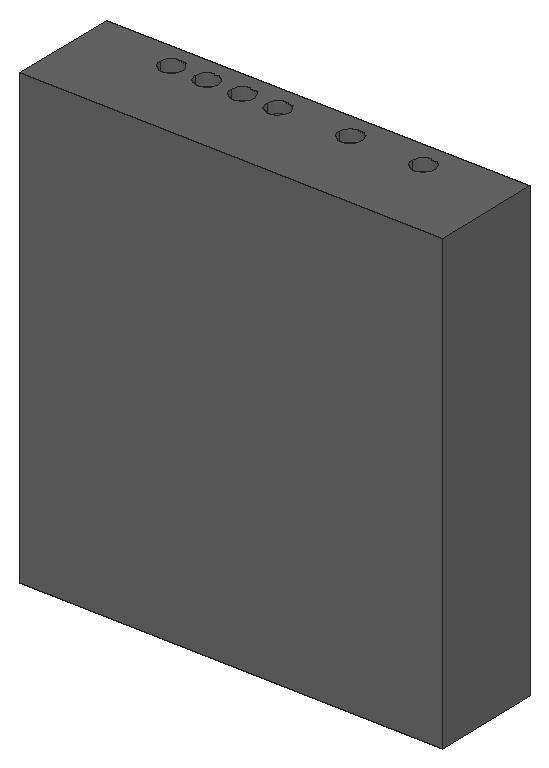
Revit family "Honeywell_PowerSupply_HLS-PS", category Electrical Equipment, Revit 2017
Family settings
  Round Connector Dimension = Use Radius
  Part Type = Transformer
  OmniClass Number = 23.80.30.11.17
  OmniClass Title = Distribution Boards and Control Panels
  Work Plane-Based = No
  Always vertical = Yes
  Cut with Voids When Loaded = No
  Shared = No
  Room Calculation Point = No
Parameters (values of type "HLS-PS25")
  Width = 380 mm
  Wattage = "65"
  Voltage = "28"
  VibrationsTest = "10-500 Hz 2G 10'/1 cicle during 60' per axis"
  URL = "https://www.honeywelllifesafety.es/"
  Type Comments = "* Delete unused conduit connectors for a better performance"
  Symbol = PowerSupplySymbol : PowerSupplySymbol
  SecondaryDistributionTension [instance] = 28 V
  OperatingACrange [instance] = "115-230Vac 50/60Hz"
  Material = Steel, Black
  MainDistributionTension [instance] = 230 V
  built-in parameter 1140088 [instance] = (empty or 0)
  ContactTelephone = "902030545 / +34932424236"
  SupplyOutputsNumber = 2
  SubFeed Lugs = No
  SingleOutputConversion = "Yes, with SW1 microswitch"
  SecurityStandards = "Designed following EN54-4, EN55022:211 +AC:2012\r\nDesigned following EN54-4, EN55022:211 +AC:2012"
  PowerFactor [instance] = 0
  OutputTension = 28 V
  StatusLEDInteriorNumber = 7
  NumberOfPoles [instance] = 1
  built-in parameter 1140081 [instance] = (empty or 0)
  Model = "HLS-PS-25"
  Manufacturer = "Honeywell Life Safety Iberia"
  LoadClassification = Power
  GroundConnectorSurveillance = "Desactivable"
  Ground Bus = no
  FrequencyMax = 60 Hz
  StatusLEDExteriorNumber = 10
  FaultRelay = "C, NA, NC contacts 1A/24V maximum. Energized in normal status."
  built-in parameter 1140083 [instance] = (empty or 0)
  Description = "Power supply designed in order to support fire control systems"
  CurrentUsingSingleOutputMax = 2.2 A
  CurrentPerOutputMax = 1.1 A
  Height = 410 mm
  FrequencyMin = 50 Hz
  Depth = 97 mm
  ContactDirection = "C/Pau Vila 15-19 08911 Badalona (Barcelona)"
  ConduitInputRadius [instance] = ConduitInputDiameter / 2  # 10.5 mm
  ConduitInputDiameter [instance] = 21 mm
  BatteriesSpace = "2x17AH"
  BatteriesChargeCurrentMin = 0.3 A
  BatteriesChargeCurrentMax = 0.6 A
  Assembly Code = "D5090200"
  ApparentPower = 65 W
Types (3, lengths in mm): name | Wattage | PowerFactor | Model | CurrentUsingSingleOutputMax | CurrentPerOutputMax | ApparentPower
  (no name) | "65" | 0 | "HLS-PS-25" | 2.2 A | 1.1 A | 65 W
  HLS-PS25 | "65" | 0 | "HLS-PS-25" | 2.2 A | 1.1 A | 65 W
  HLS-PS50 | "130" | 1 | "HLS-PS-50" | 4.4 A | 2.2 A | 130 W
Reference planes
  plane 1 "Center (Front/Back)": y = 0
  plane 2: z = 0
  plane 3 "Center (Left/Right)": x = 0
  plane 4: y = 48.5
  plane 5: x = 190
  plane 6: x = -190
  plane 7: y = -48.5
  plane 8: z = 410
  plane 9: y = 25.5
  plane 10: x = -113.375
  plane 11: x = 113.375
  plane 12: x = -81.375
  plane 13: x = -49.375
  plane 14: x = -17.375
  plane 15: x = 47.625
  plane 16: z = 393
  plane 17: z = 420
  plane 18: x = -130
  plane 19: x = 130
  plane 20: x = -96
  plane 21: x = -64
  plane 22: x = -32
  plane 23: x = 64
  plane 24: y = 38.5
  plane 25: y = 58.5
  plane 26: z = 400
Forms (mm)
  Extrusion 1, solid, material "Steel, Black" <- "Material"
    sketch origin (0, 0, 0) x (1, 0, 0) y (0, 1, 0)
      loop
        line (-190, 48.5) -> (-190, -48.5) -> (190, -48.5) -> (190, 48.5) -> (-190, 48.5)
    from 0 to 410
  Extrusion 2, void
    sketch origin (0, 0, 0) x (1, 0, 0) y (0, 1, 0)
      loop
        circle (-113.375, 25.5) r 10.5
      loop
        circle (-81.375, 25.5) r 10.5
      loop
        circle (-49.375, 25.5) r 10.5
      loop
        circle (-17.375, 25.5) r 10.5
      loop
        circle (47.625, 25.5) r 10.5
      loop
        circle (113.375, 25.5) r 10.5
    from 400 to 420
  Extrusion 3, void
    sketch origin (0, 0, 0) x (1, 0, 0) y (0, 0, 1)
      loop
        circle (-130, 393) r 10.5
      loop
        circle (-96, 393) r 10.5
      loop
        circle (-64, 393) r 10.5
      loop
        circle (-32, 393) r 10.5
      loop
        circle (64, 393) r 10.5
      loop
        circle (130, 393) r 10.5
    from -58.5 to -38.5
Cuts and joins
  Extrusion 2, Extrusion 3 cuts Extrusion 1
Dimensions and locks
  equal spacing: plane 6, plane 3 "Center (Left/Right)", plane 5
  equal spacing: plane 4, plane 1 "Center (Front/Back)", plane 7
  "Height": plane 8 to plane 2
  "Depth": plane 4 to plane 7
  "Width": plane 6 to plane 5
  plane 4 to plane 9 = 23 mm
  equal spacing: plane 10, plane 3 "Center (Left/Right)", plane 11
  plane 10 to plane 11 = 226.75 mm
  plane 10 to plane 12 to plane 13 to plane 14 to plane 15 to plane 11 = 32 mm, 32 mm, 32 mm, 65 mm, 65.75 mm
  plane 8 to plane 16 = 17 mm
  plane 17 to plane 8 = 10 mm
  plane 19 to plane 18 = 260 mm
  equal spacing: plane 19, plane 3 "Center (Left/Right)", plane 18
  plane 19 to plane 23 to plane 22 to plane 21 to plane 20 to plane 18 = 66 mm, 96 mm, 32 mm, 32 mm, 34 mm
  plane 4 to plane 24 = 10 mm
  plane 25 to plane 4 = 10 mm
  plane 26 to plane 8 = 10 mm
  aligned and locked: level to plane 2
  aligned and locked: Extrusion 1 sketch curve to plane 4
  aligned and locked: plane 6 to Extrusion 1 sketch curve
  aligned and locked: plane 7 to Extrusion 1 sketch curve
  aligned and locked: Extrusion 1 sketch curve to plane 5
  aligned and locked: plane 8 to Extrusion 1
  aligned and locked: plane 10 to Extrusion 2 sketch curve
  aligned and locked: plane 9 to Extrusion 2 sketch curve  (x6)
  aligned and locked: plane 12 to Extrusion 2 sketch curve
  aligned and locked: plane 13 to Extrusion 2 sketch curve
  aligned and locked: plane 14 to Extrusion 2 sketch curve
  aligned and locked: plane 15 to Extrusion 2 sketch curve
  aligned and locked: plane 11 to Extrusion 2 sketch curve
  aligned and locked: Extrusion 2 to plane 17
  aligned and locked: plane 16 to Extrusion 3 sketch curve  (x6)
  aligned and locked: plane 18 to Extrusion 3 sketch curve
  aligned and locked: plane 20 to Extrusion 3 sketch curve
  aligned and locked: plane 21 to Extrusion 3 sketch curve
  aligned and locked: plane 22 to Extrusion 3 sketch curve
  aligned and locked: plane 23 to Extrusion 3 sketch curve
  aligned and locked: plane 19 to Extrusion 3 sketch curve
  aligned and locked: Extrusion 3 to plane 25
  aligned and locked: Extrusion 3 to plane 24
  aligned and locked: cut or joined group of Extrusion 1, Extrusion 2, Extrusion 3 to plane 26
Automatic sketch dimensions
  radius of Extrusion 2 sketch curve = 10.5 mm  (x6)
  radius of Extrusion 3 sketch curve = 10.5 mm  (x6)
Nested families
  nested 1: "PowerSupplySymbol" at (0, 0, 0), type <- "Symbol", type "PowerSupplySymbol"
Connectors
  cabletrayconduit at (-113.375, 25.5, 400), diameter 21, driven by "ConduitInputRadius"
    settings: on cut or joined group of Extrusion 1, Extrusion 2, Extrusion 3, index 1, connector width 300 mm, connector height 300 mm, connector angle 0.00°, system type 32, placement type 0, profile type 0, connector reference index -1, is primary connector yes, connector utility param no, connector description ""
  cabletrayconduit at (-81.375, 25.5, 400), diameter 21, driven by "ConduitInputRadius"
    settings: on cut or joined group of Extrusion 1, Extrusion 2, Extrusion 3, index 2, connector width 300 mm, connector height 300 mm, connector angle 0.00°, system type 32, placement type 0, profile type 0, connector reference index -1, is primary connector no, connector utility param no, connector description ""
  cabletrayconduit at (-49.375, 25.5, 400), diameter 21, driven by "ConduitInputRadius"
    settings: on cut or joined group of Extrusion 1, Extrusion 2, Extrusion 3, index 3, connector width 300 mm, connector height 300 mm, connector angle 0.00°, system type 32, placement type 0, profile type 0, connector reference index -1, is primary connector no, connector utility param no, connector description ""
  cabletrayconduit at (-17.375, 25.5, 400), diameter 21, driven by "ConduitInputRadius"
    settings: on cut or joined group of Extrusion 1, Extrusion 2, Extrusion 3, index 4, connector width 300 mm, connector height 300 mm, connector angle 0.00°, system type 32, placement type 0, profile type 0, connector reference index -1, is primary connector no, connector utility param no, connector description ""
  cabletrayconduit at (47.625, 25.5, 400), diameter 21, driven by "ConduitInputRadius"
    settings: on cut or joined group of Extrusion 1, Extrusion 2, Extrusion 3, index 5, connector width 300 mm, connector height 300 mm, connector angle 0.00°, system type 32, placement type 0, profile type 0, connector reference index -1, is primary connector no, connector utility param no, connector description ""
  cabletrayconduit at (113.375, 25.5, 400), diameter 21, driven by "ConduitInputRadius"
    settings: on cut or joined group of Extrusion 1, Extrusion 2, Extrusion 3, index 6, connector width 300 mm, connector height 300 mm, connector angle 0.00°, system type 32, placement type 0, profile type 0, connector reference index -1, is primary connector no, connector utility param no, connector description ""
  cabletrayconduit at (130, 38.5, 393), diameter 21, driven by "ConduitInputRadius"
    settings: on cut or joined group of Extrusion 1, Extrusion 2, Extrusion 3, index 7, connector width 300 mm, connector height 300 mm, connector angle 0.00°, system type 32, placement type 0, profile type 0, connector reference index -1, is primary connector no, connector utility param no, connector description ""
  cabletrayconduit at (64, 38.5, 393), diameter 21, driven by "ConduitInputRadius"
    settings: on cut or joined group of Extrusion 1, Extrusion 2, Extrusion 3, index 8, connector width 300 mm, connector height 300 mm, connector angle 0.00°, system type 32, placement type 0, profile type 0, connector reference index -1, is primary connector no, connector utility param no, connector description ""
  cabletrayconduit at (-32, 38.5, 393), diameter 21, driven by "ConduitInputRadius"
    settings: on cut or joined group of Extrusion 1, Extrusion 2, Extrusion 3, index 9, connector width 300 mm, connector height 300 mm, connector angle 0.00°, system type 32, placement type 0, profile type 0, connector reference index -1, is primary connector no, connector utility param no, connector description ""
  cabletrayconduit at (-64, 38.5, 393), diameter 21, driven by "ConduitInputRadius"
    settings: on cut or joined group of Extrusion 1, Extrusion 2, Extrusion 3, index 10, connector width 300 mm, connector height 300 mm, connector angle 0.00°, system type 32, placement type 0, profile type 0, connector reference index -1, is primary connector no, connector utility param no, connector description ""
  cabletrayconduit at (-96, 38.5, 393), diameter 21, driven by "ConduitInputRadius"
    settings: on cut or joined group of Extrusion 1, Extrusion 2, Extrusion 3, index 11, connector width 300 mm, connector height 300 mm, connector angle 0.00°, system type 32, placement type 0, profile type 0, connector reference index -1, is primary connector no, connector utility param no, connector description ""
  cabletrayconduit at (-130, 38.5, 393), diameter 21, driven by "ConduitInputRadius"
    settings: on cut or joined group of Extrusion 1, Extrusion 2, Extrusion 3, index 12, connector width 300 mm, connector height 300 mm, connector angle 0.00°, system type 32, placement type 0, profile type 0, connector reference index -1, is primary connector no, connector utility param no, connector description ""
  electrical at (0, 48.5, 205), driven by "NumberOfPoles", driven by "LoadClassification", driven by "SecondaryDistributionTension", driven by "ApparentPower", driven by "PowerFactor"
    settings: on cut or joined group of Extrusion 1, Extrusion 2, Extrusion 3, index 14, voltage 28 V, apparent load 65 W, apparent load phase1 0 W, apparent load phase2 0 W, apparent load phase3 0 W, power factor 0, load classification "Power", number of poles 1, system type 30, power factor state 1, is connector primary yes, connector utility no, sub classification motor no, connector description ""
Definition of nested family "PowerSupplySymbol"
  Reference planes
    plane 1: y = 0
    plane 2: x = 0
  Lines and regions (mm)
    detail lines
      curve 1: line (-10, 6, 0) -> (10, 6, 0)
      curve 2: line (-10, -6, 0) -> (10, -6, 0)
      curve 3: line (-10, -6, 0) -> (-10, 6, 0)
      curve 4: line (10, -6, 0) -> (10, 6, 0)
      curve 5: line (-6.062, 0, 0) -> (-1.062, 0, 0)
      curve 6: line (-1.062, 3.993, 0) -> (-1.062, -3.993, 0)
      curve 7: line (1.062, 2, 0) -> (1.062, -2, 0)
      curve 8: line (1.062, 0, 0) -> (6.062, 0, 0)
      curve 9: line (-2.36, 3.892, 0) -> (-2.36, 2.892, 0)
      curve 10: line (-2.86, 3.392, 0) -> (-1.86, 3.392, 0)
